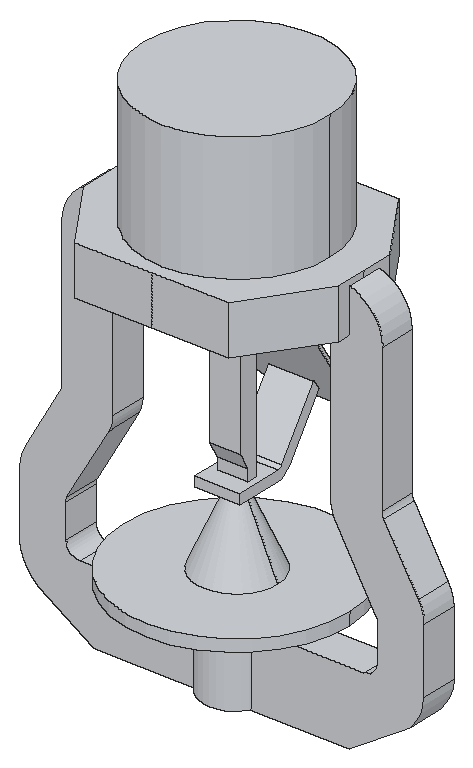
Revit family
Parameters (values of type "RASCO HL-22 ESFR")
  Temperature Rating = 165 °F
  Response = 1
  RASCO SIN # = "RA1011"
  RASCO Part # = "HL221"
  Pressure Rating = "175 PSI"
  Pressure Class = (empty or 0)
  Orifice Size = 1"
  Orifice = (empty or 0)
  Model = "HL-22"
  Manufacturer = "RASCO"
  K-Factor = 22.4
  Description = "BRONZE FINISH"
  Coverage = (empty or 0)
Reference planes (in)
  plane 1 "Center (Front/Back)": y = 0
  plane 2: z = 0
  plane 3 "Center (Left/Right)": x = 0
Nested families (in)
  nested 1: "HL221" at (0, 0, 3.875) x (-1, 0, 0) z (0, 0, -1), type "RASCO HL-22 ESFR"
Connectors (in)
  piping at (0, 0, 3.875)
    settings: on nested 1, index 1, connector radius 83/128", flow factor 0, pipe flow 0 GPM, pressure drop 0.00 psi, fitting loss kfactor 0, connector angle 0.00°, fixture units 0, flow configuration 0, flow direction 0, fitting loss method 0, system type 7, connector reference index -1, connector utility 0, adjustable connector no, is connector primary yes, fitting loss table "", connector description ""
Definition of nested family "HL221"
  Parameters (values of type "RASCO HL-22 ESFR")
    Type Comments = ""
    Temperature Rating = 0 °F
    Response = (empty or 0)
    Pressure Rating = "0"
    Pressure Class = (empty or 0)
    Orifice Size = 0"
    Orifice = (empty or 0)
    Model = ""
    Manufacturer = ""
    K-Factor = 0
    Description = ""
    Coverage = (empty or 0)
    Assembly Code = ""
  Reference planes (in)
    plane 1 "Center (Front/Back)": y = 0
    plane 2: z = 0
    plane 3 "left/right center": x = 0
    plane 4 "REF. 2": z = 0.9
    plane 5: z = 3.875
    plane 6: x = -1.4295
    plane 7: x = 1.4295
    plane 8 "REF.3": z = 3.355
    plane 9 "HEAD": z = 3.187
    plane 10 "HEAD 2": z = 2.57
    plane 11 "LINK": through (0, 0.54605, 2.12761) normal (0, -0.8477, 0.5305)
  Forms (in)
    Extrusion 1, solid
      sketch origin (0, 0, 0) x (1, 0, 0) y (0, 1, 0)
        loop
          circle (0, 0) r 0.66
      from 0 to 0.9
    Extrusion 2, solid
      sketch origin (0, 0, 0.9) x (-1, 0, 0) y (0, -1, 0)
        loop
          line (0, -0.75) -> (0.545, -0.75) -> (0.9, -0.225) -> (0.9, 0) -> (0.9, 0.225) -> (0.545, 0.75) -> (0, 0.75) -> (-0.545, 0.75) -> (-0.9, 0.225) -> (-0.9, 0) -> (-0.9, -0.225) -> (-0.545, -0.75) -> (0, -0.75)
      from 0 to 0.35
    Extrusion 3, solid
      sketch origin (0, 0, 0) x (1, 0, 0) y (0, 0, 1)
        loop
          line (-0.89516, 1.25) -> (-0.77016, 1.25) -> (-0.77016, 2.35369)
          arc (-0.77016, 2.35369) -> (-0.77682, 2.40488) -> (-0.79636, 2.45267) r 0.2
          line (-0.79636, 2.45267) -> (-1.09602, 2.97884)
          arc (-1.09602, 2.97884) -> (-1.10234, 2.9943) -> (-1.1045, 3.01087) r 0.06473
          line (-1.1045, 3.01087) -> (-1.1045, 3.255)
          arc (-1.1045, 3.255) -> (-1.07521, 3.32571) -> (-1.0045, 3.355) r 0.1
          line (-1.0045, 3.355) -> (0, 3.355) -> (1.0045, 3.355)
          arc (1.0045, 3.355) -> (1.07521, 3.32571) -> (1.1045, 3.255) r 0.1
          line (1.1045, 3.255) -> (1.1045, 3.01173)
          arc (1.1045, 3.01173) -> (1.10235, 2.99514) -> (1.09603, 2.97964) r 0.065
          line (1.09603, 2.97964) -> (0.79667, 2.4523)
          arc (0.79667, 2.4523) -> (0.77722, 2.40463) -> (0.77059, 2.35357) r 0.2
          line (0.77059, 2.35357) -> (0.77059, 1.25) -> (0.89559, 1.25) -> (0.89559, 0.93613)
          arc (0.89559, 0.93613) -> (1.06872, 1.05244) -> (1.13559, 1.25) r 0.32524
          line (1.13559, 1.25) -> (1.13559, 2.28492)
          arc (1.13559, 2.28492) -> (1.13874, 2.30917) -> (1.14798, 2.33181) r 0.095
          line (1.14798, 2.33181) -> (1.39039, 2.75884)
          arc (1.39039, 2.75884) -> (1.41956, 2.83035) -> (1.4295, 2.90694) r 0.3
          line (1.4295, 2.90694) -> (1.4295, 3.36572)
          arc (1.4295, 3.36572) -> (1.39347, 3.50827) -> (1.29403, 3.61658) r 0.3
          line (1.29403, 3.61658) -> (0.91498, 3.86517)
          arc (0.91498, 3.86517) -> (0.89925, 3.87249) -> (0.88208, 3.875) r 0.06
          line (0.88208, 3.875) -> (0, 3.875) -> (-0.88193, 3.875)
          arc (-0.88193, 3.875) -> (-0.89924, 3.87247) -> (-0.9151, 3.86507) r 0.06037
          line (-0.9151, 3.86507) -> (-1.29432, 3.61573)
          arc (-1.29432, 3.61573) -> (-1.39355, 3.50746) -> (-1.4295, 3.36506) r 0.3
          line (-1.4295, 3.36506) -> (-1.4295, 2.90628)
          arc (-1.4295, 2.90628) -> (-1.41951, 2.82949) -> (-1.39019, 2.75782) r 0.3
          line (-1.39019, 2.75782) -> (-1.14762, 2.33188)
          arc (-1.14762, 2.33188) -> (-1.13832, 2.30916) -> (-1.13516, 2.28482) r 0.0951
          line (-1.13516, 2.28482) -> (-1.13516, 1.25)
          arc (-1.13516, 1.25) -> (-1.06826, 1.05263) -> (-0.89516, 0.93659) r 0.32464
          line (-0.89516, 0.93659) -> (-0.89516, 1.25)
      from -0.13025 to 0.1298
    Extrusion 4, solid
      sketch origin (0, 0, 3.355) x (-1, 0, 0) y (0, -1, 0)
        loop
          circle (0, 0) r 0.24
      from 0 to 0.52
    Extrusion 5, solid
      sketch origin (0, 0, 0) x (0, 0, -1) y (0, -1, 0)
        loop
          line (-1.25, 0) -> (-1.25, 0.035) -> (-1.32876, 0.035) -> (-1.45, 0.105) -> (-2.3, 0.105) -> (-2.42124, 0.035) -> (-2.5, 0.035) -> (-2.5, -0.035) -> (-1.71369, -0.035) -> (-1.63254, -0.035) -> (-1.57879, -0.1699)
          arc (-1.57879, -0.1699) -> (-1.49812, -0.25387) -> (-1.38174, -0.2577) r 0.15454
          line (-1.38174, -0.2577) -> (-1.31535, -0.21936)
          arc (-1.31535, -0.21936) -> (-1.30254, -0.17155) -> (-1.35035, -0.15874) r 0.035
          line (-1.35035, -0.15874) -> (-1.41079, -0.19364)
          arc (-1.41079, -0.19364) -> (-1.51466, -0.14162) -> (-1.46853, -0.035) r 0.08454
          line (-1.46853, -0.035) -> (-1.25, -0.035) -> (-1.25, 0)
      from -0.10844 to 0.10903
    Extrusion 6, solid
      sketch origin (0, 0, 3.187) x (-1, 0, 0) y (0, -1, 0)
        loop
          circle (0, 0) r 0.8
      from 0 to -0.085
    Extrusion 7, solid
      sketch origin (0, 0, 3.187) x (-1, 0, 0) y (0, -1, 0)
        loop
          circle (0, 0) r 0.19609
      from 0 to 0.02571
    Extrusion 8, solid
      sketch origin (0, 0, 3.355) x (-1, 0, 0) y (0, -1, 0)
        loop
          circle (0, 0) r 0.12
      from 0 to -0.14229
    Blend 9, solid
      base sketch origin (0, 0, 2.57) x (0, 1, 0) y (-1, 0, 0)
        loop
          circle (0, 0) r 0.04952
      top sketch origin (0, 0, 2.57) x (0, 1, 0) y (-1, 0, 0)
        loop
          circle (0, 0) r 0.28994
      from 0 to 0.532
    Extrusion 10, solid
      sketch origin (0, 0, 0) x (0, 0, -1) y (0, -1, 0)
        loop
          line (-2.57, 0.16723) -> (-2.57, -0.16491)
          arc (-2.57, -0.16491) -> (-2.5563, -0.2209) -> (-2.51829, -0.26425) r 0.12127
          line (-2.51829, -0.26425) -> (-2.1356, -0.5322)
          arc (-2.1356, -0.5322) -> (-2.12761, -0.54605) -> (-2.13308, -0.56108) r 0.01892
          line (-2.13308, -0.56108) -> (-2.19998, -0.62798) -> (-2.15048, -0.67748) -> (-2.05912, -0.58612)
          arc (-2.05912, -0.58612) -> (-2.04181, -0.53855) -> (-2.06712, -0.4947) r 0.0599
          line (-2.06712, -0.4947) -> (-2.48243, -0.2039)
          arc (-2.48243, -0.2039) -> (-2.49534, -0.18917) -> (-2.5, -0.17014) r 0.04121
          line (-2.5, -0.17014) -> (-2.5, 0.16723) -> (-2.57, 0.16723)
      from -0.16031 to 0.15815
    Extrusion 11, solid
      sketch origin (0, -0.56446, 0.35328) x (0, 0.530535, 0.847663) y (-1, 0, 0)
        loop
          line (2.198, -0.00108) -> (2.198, 0.26892) -> (2.073, 0.39392) -> (1.38687, 0.39392) -> (1.26155, 0.2686) -> (1.26155, -0.27085) -> (1.38678, -0.39608) -> (2.07303, -0.39608) -> (2.198, -0.27111) -> (2.198, -0.00108)
      from 0 to 0.02242
  Dimensions and locks (in)
    plane 5 to level = 0' - 3 7/8"
